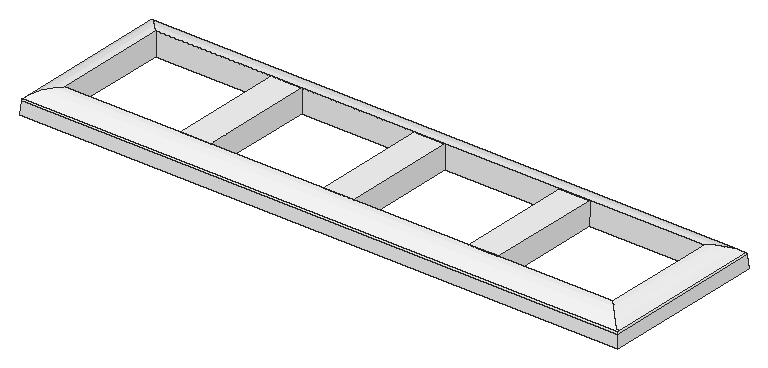
Revit family "Gira_021403", category Electrical Fixtures, host Face, Revit 2017
Family settings
  Host = Face
  Maintain Annotation Orientation = No
  Round Connector Dimension = Use Diameter
  Part Type = Normal
  Cut with Voids When Loaded = No
  Shared = No
  Room Calculation Point = No
Parameters (values of type "Cov.fr. 4-g Standard 55 p.white")
  With mounting grid = "No"
  With hinged lid = "No"
  URL = "http://katalog.gira.de/en/datenblatt.html?artikelnr=021403"
  Type of fastening = "Clamp mounting"
  Transparent = "No"
  Surface protection = "Other"
  Surface finishing = "Glossy"
  Suitable for wall duct = "No"
  Suitable for flush-mounted installation = "Yes"
  Suitable for floor box = "No"
  Suitable for built-in installation = "No"
  RAL-number (akin) = "9010"
  Number of units vertical = "4"
  Number of units horizontal = "4"
  Number of units = "4"
  Name = "Cov.fr. 4-g Standard 55 p.white"
  Mounting direction = "Horizontal and vertical"
  Material quality = "Thermoplastic"
  Material = "Plastic"
  Manufacturer URL = "https://www.gira.de/"
  Manufacturer = "Gira"
  Label space/information surface = "No"
  Keynote = ""
  HeinzeBIM = "https://bimportal.heinze.de/bim/cov-fr-4-g-standard-55-p-white/a7fa0ca008a7e20abfd72cb01a5734c8424a867f"
  Halogen free = "Yes"
  HAN = "021403"
  GTIN = "4010337214038"
  Description = "Cov.fr.4g Std55 PW,Gira Standard 55 cover frame,pure white glossy,4-gang,Features:,- Shatter-proof.,,Notes :,- Also suitable for duct installation.,- In connection with the seal kit, frame (1-gang to 5-gang) is also suitable for installation as water-protected flush-mounted IP44."
  Degree of protection (IP) = "IP20"
  Default Elevation = 1219.2 mm
  Data sheet (1) = "https://katalog.gira.de/en/download.html?artikelnr=021403"
  Colour = "White"
  Category = "Cover frame for domestic switching devices"
  BIM (1) = "https://media.stage.bim.site/public/gira/36a6b08/Std55_Rahmen_4fach.rfa"
  Available = "No"
Reference planes
  plane 1 "Center (Front/Back)": y = 0
  plane 2: z = 0
  plane 3 "Center (Left/Right)": x = 0
  plane 4: x = -40.3
  plane 5: x = 40.3
  plane 6: y = -147.3
  plane 7: y = 147.3
  plane 8: y = -71.3
  plane 9: y = 71.3
Forms (mm)
  Sweep 1, solid, material "White", detail levels fine
    path origin (0, 0, 0) x (0, -1, 0) y (1, 0, 0)
      loop
        line (40.3, 147.3) -> (-40.3, 147.3) -> (-40.3, -147.3) -> (40.3, -147.3) -> (40.3, 147.3)
    profile origin (147.3, 0, 0) x (-1, 0, 0) y (0, 0, 1)
      loop
        arc (12.22, 11.373) -> (5.983, 10.294) -> (0.641, 6.901) r 16.145
        arc (0.641, 6.901) -> (0.395, 6.426) -> (0.309, 5.898) r 1.694
        line (0.309, 5.898) -> (0, 0) -> (12.319, 0) -> (12.22, 11.373)
  Extrusion 2, solid, material "White", detail levels fine
    sketch origin (-70.7, 0, 0) x (1, 0, 0) y (0, 0, 1)
      loop
        line (7.4, 0) -> (7.4, 11.373) -> (-7.4, 11.373) -> (-7.4, 0) -> (7.4, 0)
    from -28.08 to 28.08
  Extrusion 3, solid, material "White", detail levels fine
    sketch origin (71.3, 0, 0) x (1, 0, 0) y (0, 0, 1)
      loop
        line (7.4, 0) -> (7.4, 11.373) -> (-7.4, 11.373) -> (-7.4, 0) -> (7.4, 0)
    from -28.08 to 28.08
  Extrusion 4, solid, material "White", detail levels fine
    sketch origin (0, 0, 0) x (1, 0, 0) y (0, 0, 1)
      loop
        line (7.4, 0) -> (7.4, 11.373) -> (-7.4, 11.373) -> (-7.4, 0) -> (7.4, 0)
    from -28.08 to 28.08
  Extrusion 5, solid, material "White", detail levels coarse+medium
    sketch origin (0, 0, 0) x (0, -1, 0) y (1, 0, 0)
      loop
        line (-40.3, 147.3) -> (-40.3, -147.3) -> (40.3, -147.3) -> (40.3, 147.3) -> (-40.3, 147.3)
    from 0 to 11.373
Dimensions and locks
  aligned and locked: plane 2 to host face
  aligned and locked: level to host face
